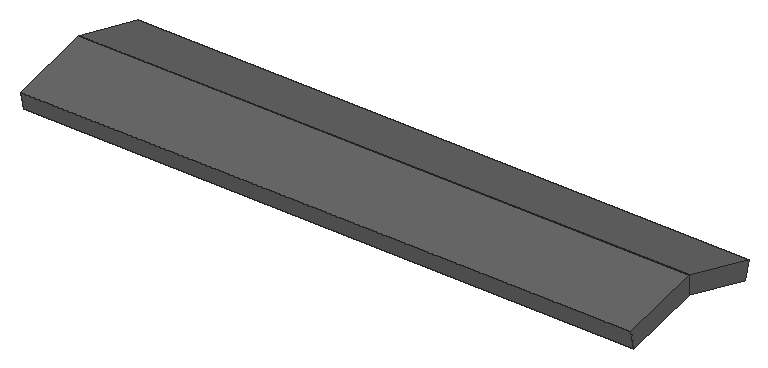
Revit family "NBS_TapcoRoofingProducts_DryFxngHips_HipMaster", category Generic Models, Revit 2019
Family settings
  Can host rebar = No
  Round Connector Dimension = Use Diameter
  Part Type = Normal
  Cut with Voids When Loaded = No
  Shared = No
  Room Calculation Point = No
Parameters
  WarrantyStartDate [instance] = "1900-12-31T23:59:59"
  WarrantyGuarantorParts = "n/a"
  WarrantyGuarantorLabor = "n/a"
  WarrantyDurationUnit = "year"
  WarrantyDurationParts = "n/a"
  WarrantyDurationLabor = "n/a"
  WarrantyDescription = "40-years"
  Version = "1"  # constant formula
  Uniclass2015Version = "Products v1.20"
  Uniclass2015Title = "Dry fixing hips"
  Uniclass2015Code = "Pr_35_90_93_28"
  ThermalTransmittance = 0
  TagNumber [instance] = "n/a"
  SustainabilityPerformance = "n/a"
  SurfaceSpreadOfFlame = "n/a"
  Status = "UNSET"
  Size = "1219 x 270 x 35 mm"
  Shape = "n/a"
  SerialNumber [instance] = "n/a"
  RidgeMaterial = NBS_TapcoRoofingProducts_Polypropylene_Black
  RidgeAngle [instance] = 14.00°
  Revision = "n/a"
  ReplacementCost = "n/a"
  Reference = "n/a"
  ProductInformation = "https://www.tapcoroofingproducts.com/product/hipmaster/"
  PitchRange = "14° - 45°"
  NominalWidth = 270 mm
  NominalLength = 1219 mm
  NominalHeight = 35 mm
  Name = "DryFixingHips_HipMaster_TapcoRoofingProducts"
  NBSReference = "45-80-90/374"
  NBSDescription = "Dry fixing hips"
  NBSCertification = "www.nationalbimlibrary.com/cert/0lh4n1mo"
  ModelReference = "HipMaster"
  ModelNumber = "n/a"
  Material = "Polypropylene (PP) and Rubber"
  ManufacturerURL = "www.tapcoroofingproducts.com"
  ManufacturerName = "Tapco Roofing Products"  # constant formula
  Manufacturer = "international@tapcoint.com"
  built-in parameter 1001306 [instance] = 1220 mm
  IsExternal = yes
  InstallationDate [instance] = "1900-12-31T23:59:59"
  IfcExportType = "ROOFING"  # constant formula
  IfcExportAs = "IfcCoveringType"  # constant formula
  Grade = "n/a"
  FragilityRating = "n/a"
  Form = "n/a"
  FlammabilityRating = "n/a"
  FireRating = "n/a"
  Finish = "n/a"
  Features = "Enhanced roof ventilation at the hip, patented triple-baffle system engineered to keep blowing rain and snow from getting in, internal filter blocks out insects, leaves and other debris, the low-profile design is unobtrusive, nailing supports and structural ribs make the Hip Master crushproof, to withstand falling tree branches and hammer blows, and it resists cracking, self-aligning, interlocking ends make it easy to install correctly, built-in end caps adjust to the roof pitch while the ship-lap design allows for expansion and contraction as temperatures change, can be joined with Ridge Master Plus ridge ventilation, 10 000 mm²/m ventilation provision to comply with building regulations for both warm and cold roofs"
  ExpectedLife = "50+ years"
  DurationUnit = "year"
  Description = "A dry-fix hip ventilation system that fits underneath the TapcoSlate Classic Ridge/ Hip system"
  Constituents = "n/a"
  Combustible = yes
  Color = "Black"
  CodePerformance = "n/a"
  Category = "Pr_35_90_93_28:Dry fixing hips"
  BarCode [instance] = "n/a"
  BIMObjectName = "NBS_TapcoRoofingProducts_DryFixingHips_HipMaster"
  Author = "NBS"  # constant formula
  AssetType = "Fixed"
  AssetIdentifier [instance] = "n/a"
  Applications = "Suitable for use with the TapcoSlate Classic Ridge/ Hip system, for roof pitches 14 to 45 degrees"
  AcousticRating = "n/a"
  Accessories = "n/a"
  AccessibilityPerformance = "n/a"
Reference planes
  plane 1 "Center (Front/Back)": y = 0
  plane 2: z = 0
  plane 3 "Left": x = 0
  plane 4 "Right": x = 1220
  plane 5: z = 49.497
Forms (mm)
  Extrusion 1, solid, material "NBS_TapcoRoofingProducts_Polypropylene_Black" <- "RidgeMaterial"
    sketch origin (0, 0, 0) x (0, 1, 0) y (0, 0, 1)
      loop
        line (147.22, 12.792) -> (0, 49.497) -> (0, 13.426) -> (138.752, -21.169) -> (147.22, 12.792)
    from 0 to 1220
  Extrusion 2, solid, material "NBS_TapcoRoofingProducts_Polypropylene_Black" <- "RidgeMaterial"
    sketch origin (0, 0, 0) x (0, 1, 0) y (0, 0, 1)
      loop
        line (0, 49.497) -> (-147.22, 12.792) -> (-138.752, -21.169) -> (0, 13.426) -> (0, 49.497)
    from 0 to 1220
Lines and regions (mm)
  reference lines
    curve 1: line (0, 0, 0) -> (1220, 0, 0)
    curve 2: line (0, 0, 13.426) -> (0, -138.752, -21.169)
    curve 3: line (0, 0, 13.426) -> (0, 138.752, -21.169)
    curve 4: line (0, -138.752, -21.169) -> (0, -147.22, 12.792)
    curve 5: line (0, 138.752, -21.169) -> (0, 147.22, 12.792)
    curve 6: line (0, 147.22, 12.792) -> (0, 0, 49.497)
    curve 7: line (0, 0, 49.497) -> (0, -147.22, 12.792)
Dimensions and locks
  "built-in parameter 1001306": plane 3 "Left" to plane 4 "Right"
  curve 3 to curve 3 = 143 mm
  curve 2 to curve 2 = 143 mm
  locked: plane 5 to plane 2 at 49.497
  locked: curve 5 to curve 5 at 35
  locked: curve 4 to curve 4 at 35
  "RidgeAngle": angle plane 2 to curve 3
  "RidgeAngle": angle curve 2 to plane 2
  locked: curve 4 to curve 2 (angle 90.00°)
  locked: curve 3 to curve 5 (angle 90.00°)
  aligned and locked: plane 4 "Right" to curve 1
  aligned and locked: plane 1 "Center (Front/Back)" to curve 1
  aligned and locked: plane 3 "Left" to curve 1
  aligned and locked: level to plane 2
  aligned and locked: plane 1 "Center (Front/Back)" to curve 2
  aligned and locked: plane 5 to curve 6
  aligned and locked: plane 1 "Center (Front/Back)" to curve 7
  aligned and locked: Extrusion 1 sketch curve to curve 6
  aligned and locked: Extrusion 1 sketch curve to curve 5
  aligned and locked: Extrusion 1 sketch curve to curve 3
  aligned and locked: plane 1 "Center (Front/Back)" to Extrusion 1 sketch curve
  aligned and locked: Extrusion 2 sketch curve to curve 7
  aligned and locked: Extrusion 2 sketch curve to curve 2
  aligned and locked: Extrusion 2 sketch curve to Extrusion 1
  aligned and locked: Extrusion 2 sketch curve to curve 4
  aligned and locked: Extrusion 2 to plane 3 "Left"
  aligned and locked: plane 4 "Right" to Extrusion 2
  aligned and locked: plane 4 "Right" to Extrusion 1
  aligned and locked: Extrusion 1 to plane 3 "Left"
